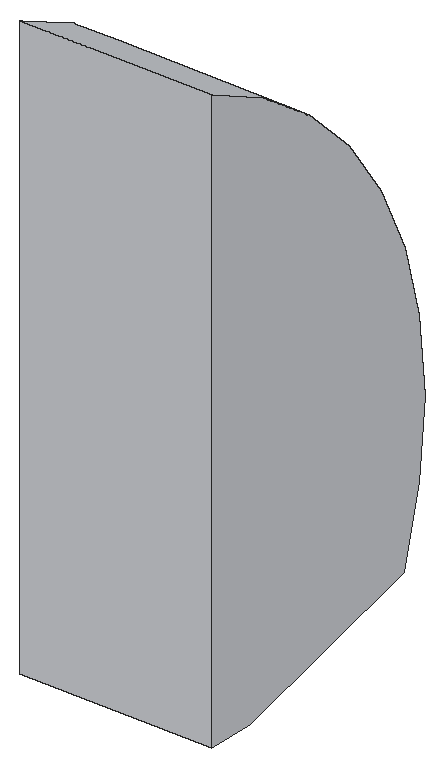
Revit family "DAN DRYER Stainless Design Mini Design 297", category Furniture Systems, host Wall, Revit 2018
Family settings
  Host = Wall
  Round Connector Dimension = Use Diameter
  Part Type = Normal
  Always vertical = Yes
  Cut with Voids When Loaded = No
  Shared = No
  Room Calculation Point = No
Parameters (values of type "Stål")
  Wicth = 120 mm
  URL = "http://www.dandryer.com/Files/Billeder/PDF/Datablade/Nye/Technical%20data%20sheet%20297.pdf"
  Type Image = <None>
  Offset from Floor = 1500 mm
  Model = "Stainless design"
  Manufacturer = "http://www.dandryer.com/"
  Height = 367 mm
  Description = "STAINLESS DESIGN Manual dispenser for disinfectant Art. no. 297"
  Cost = 0
Reference planes
  plane 1 "Wall": y = 0
  plane 2 "Center (Left/Right)": x = 125
  plane 3 "Back": y = 75
  plane 4 "Top": z = 1500
  plane 5 "Bund": z = 1133
  plane 6: x = 185
  plane 7: x = 65
  plane 8 "Manual": through (-8600, 181.187, 1185.25) normal (0, -0.8572, -0.515)
Forms (mm)
  Extrusion 1, solid
    sketch origin (125, 0, 0) x (0, 1, 0) y (0, 0, 1)
      loop
        line (75, 1133) -> (105, 1133) -> (225.741, 1165.352)
        arc (225.741, 1165.352) -> (240.929, 1234.291) -> (237.943, 1304.82) r 273.151
        arc (237.943, 1304.82) -> (182.627, 1424.246) -> (75, 1500) r 254.198
        line (75, 1500) -> (75, 1133)
    from -60 to 60
  Extrusion 2, void
    sketch origin (125, 125.577, 1138.513) x (0, -0.965926, -0.258819) y (1, 0, 0)
      loop
        line (-84.103, 0) -> (-84.103, -45) -> (-44.103, -45) -> (-44.103, -30) -> (-54.103, -30) -> (-54.103, -20) -> (-44.103, -20) -> (-44.103, 0) -> (-44.103, 20) -> (-54.103, 20) -> (-54.103, 30) -> (-44.103, 30) -> (-44.103, 45) -> (-84.103, 45) -> (-84.103, 0)
    from 0 to 5
  Sweep 3, solid
    path origin (-8600, 181.187, 1185.25) x (0, -0.515038, 0.857167) y (-1, 0, 0)
      loop
        line (-18.355, -8749.699) -> (-43.355, -8749.699)
        arc (-43.355, -8749.699) -> (-46.891, -8748.234) -> (-48.355, -8744.699) r 5
        line (-48.355, -8744.699) -> (-48.355, -8704.699)
        arc (-48.355, -8704.699) -> (-46.891, -8701.163) -> (-43.355, -8699.699) r 5
        line (-43.355, -8699.699) -> (-18.355, -8699.699)
    profile origin (149.699, 197.078, 1158.802) x (1, 0, 0) y (0, -0.857167, -0.515038)
      loop
        circle (0, 0) r 2
Cuts and joins
  Extrusion 2 cuts Extrusion 1
Text (mm)
  text "Placement Side" at (-1848.837, 1116.779, 0), in view "Ref. Level"
  text "Placement side" at (0, 1409.804, 2854.306), in view "Left"
  text "Placement side" at (0, 499.811, 2980.732), in view "Right"
Dimensions and locks
  locked: plane 3 "Back" to host wall
  "Height": plane 5 "Bund" to plane 4 "Top"
  equal spacing: plane 7, plane 2 "Center (Left/Right)", plane 6
  "Wicth": plane 7 to plane 6
  "Offset from Floor": level to plane 4 "Top"
  aligned and locked: plane 1 "Wall" to host wall
  aligned and locked: Extrusion 1 sketch curve to host wall
  aligned and locked: plane 7 to Extrusion 1
  aligned and locked: Extrusion 1 to plane 6
Automatic sketch dimensions
  Extrusion 1 sketch curve to plane 5 "Bund" = 0 mm
  Extrusion 1 sketch curve to plane 4 "Top" = 0 mm
  host wall to Extrusion 1 sketch curve = 12.51 mm
  Extrusion 1 sketch curve to Extrusion 1 sketch curve = 18.673 mm
  Extrusion 1 sketch curve to Extrusion 1 sketch curve = 30 mm
  plane 5 "Bund" to Extrusion 1 sketch curve = 32.352 mm
  Extrusion 1 sketch curve to Extrusion 1 sketch curve = 120.741 mm
  Extrusion 1 sketch curve to Extrusion 1 sketch curve = 3.242 mm
  Extrusion 1 sketch curve to Extrusion 1 sketch curve = 0 mm
  Extrusion 1 to Extrusion 2 sketch curve = 19.594 mm
  Extrusion 2 sketch curve to Extrusion 2 sketch curve = 30 mm  (x2)
  Extrusion 2 sketch curve to Extrusion 2 sketch curve = 10 mm  (x5)
  Extrusion 2 sketch curve to Extrusion 1 = 15 mm  (x2)
  Extrusion 2 sketch curve to Extrusion 2 sketch curve = 15 mm
  Extrusion 2 sketch curve to Extrusion 2 sketch curve = 20 mm  (x3)
  Sweep 3 sketch curve to plane 8 "Manual" = 0 mm
  Sweep 3 sketch curve to profile plane = 0 mm
  plane 2 "Center (Left/Right)" to Sweep 3 sketch curve = 19.699 mm
  Sweep 3 sketch curve to Sweep 3 sketch curve = 5 mm  (x2)
  Sweep 3 sketch curve to plane 2 "Center (Left/Right)" = 20.301 mm
  Sweep 3 sketch curve to Sweep 3 sketch curve = 25 mm  (x2)
  radius of Sweep 3 sketch curve = 2 mm
